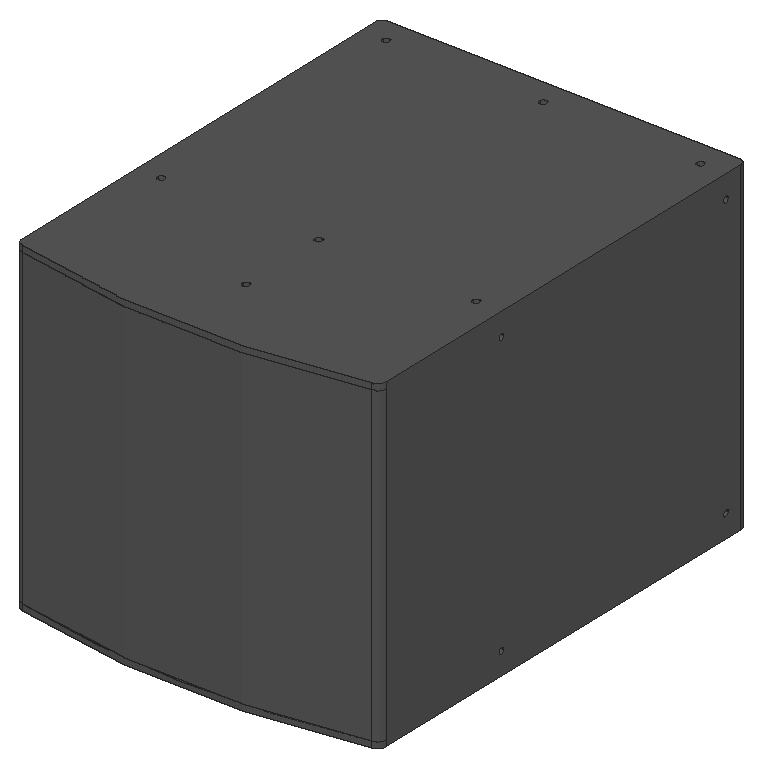
Revit family "1Electronics_Community_Biamp_Subwoofer_IS8-118WR", category Communication Devices, host Face, Revit 2020
Family settings
  Host = Face
  Maintain Annotation Orientation = No
  Round Connector Dimension = Use Diameter
  Part Type = Normal
  OmniClass Number = 23.85.10.11.14.14.14
  OmniClass Title = Loudspeakers
  Cut with Voids When Loaded = No
  Shared = No
  Room Calculation Point = No
Parameters (values of type "IS8-118WR B")
  Width = 22.10156"  # constant formula
  Weight = 98.00 lbf  # constant formula
  URL = "https://www.biamp.com/"
  Transducers = "1 x 18 (457mm) double-treated cone with 4 (102mm) voice coil, triple demodulation rings, neodymium construction"  # constant formula
  Shipping Weight = 112.00 lbf  # constant formula
  Recommended Amplifiers = "Single Amp - 1600W - 3200W @ 8 ohms,  (113V - 160V)"  # constant formula
  Product data url = "https://bimobject.com/biamp/product/is8-118wr_community-subwoofer"
  Product Page URL = "https://www.biamp.com/products/product-families/community/community-subwoofers#is8-118wr"
  Product Documentation Link = "https://www.biamp.com/products/product-families/community/community-subwoofers#is8-118wr"
  Operating Range = "31 Hz to 145 Hz  "  # constant formula
  Operating Mode = "Single Amp"  # constant formula
  Operating Environment = "Weather-Resistant Outdoor "  # constant formula
  Nominal Sensitivity = "Half Space - 1W: 99 dB - 2.83V: 99 dB; Whole Space - 1W: 93 dB - 2.83V: 93 dB"  # constant formula
  Nominal Maximum SPL = "Half Space - Peak: 137 dB - Continuous: 131 dB; Whole Space - Peak: 131 dB - Continuous: 125 dB"  # constant formula
  Mounting Points = "(22) M10 threaded rigging points"  # constant formula
  Model = "IS8-118WR B"
  Manufacturer = "Biamp"  # constant formula
  Input Connection = "Screw terminal blocks (4-position)"  # constant formula
  Housing Material = Biamp - Plastic - Black
  Height = 19.80078"  # constant formula
  Grill Material = Biamp - Plastic - Black(Grid)
  Equalized Sensitivity = "Half Space - 1W: 99 dB - 2.83V: 99 dB; Whole Space - 1W: 93 dB - 2.83V: 93 dB"  # constant formula
  Equalized Maximum SPL = "Half Space - Peak: 137 dB - Continuous: 131 dB; Whole Space - Peak: 131 dB - Continuous: 125 dB"  # constant formula
  Environmental = "Outdoor: IP55W per IEC 60529 , MIL-STD-810G"  # constant formula
  Description = "IS8-118WR High Power Single 18-Inch Weather-Resistant Subwoofer"  # constant formula
  Depth = 28.89062"  # constant formula
  Default Elevation = 48.00"
  Continuous Power Handling  Nominal Impedance = "Single Amp - 113V, 1600W @ 8 ohms (6400W peak)"  # constant formula
Types (4): name | Model | Housing Material | Grill Material
  (no name) | "IS8-118WR B" | Biamp - Plastic - Black | Biamp - Plastic - Black(Grid)
  IS8-118WR B | "IS8-118WR B" | Biamp - Plastic - Black | Biamp - Plastic - Black(Grid)
  IS8-118WR W | "IS8-118WR W" | Biamp - Plastic - White | Biamp - Plastic - White(Grid)
  IS8-118WR G | "IS8-118WR G" | Biamp - Plastic - Gray | Biamp - Plastic - Gray(Grid)
Reference planes (in)
  plane 1 "Center (Front/Back)": y = 0
  plane 2: z = 0
  plane 3 "Center (Left/Right)": x = 0
  plane 4: y = 14.44531
  plane 5: y = -14.44531
  plane 6: x = -11.05078
  plane 7: x = 11.05078
  plane 8: z = 19.80078
  plane 9: z = 9.90039
Forms (in)
  Extrusion 1, solid, material "Biamp - Plastic - Black" <- "Housing Material", detail levels medium+fine
    sketch origin (0, 0, 0) x (1, 0, 0) y (0, 1, 0)
      loop
        arc (-10.67578, 14.44531) -> (-10.94095, 14.33548) -> (-11.05078, 14.07031) r 0.375
        line (-11.05078, 14.07031) -> (-11.05078, -12.72556)
        arc (-11.05078, -12.72556) -> (-10.91137, -13.08374) -> (-10.58284, -13.28323) r 0.59837
        arc (-10.58284, -13.28323) -> (0, -14.44531) -> (10.58284, -13.28323) r 48.76885
        arc (10.58284, -13.28323) -> (10.91137, -13.08374) -> (11.05078, -12.72556) r 0.59837
        line (11.05078, -12.72556) -> (11.05078, 14.07031)
        arc (11.05078, 14.07031) -> (10.94095, 14.33548) -> (10.67578, 14.44531) r 0.375
        line (10.67578, 14.44531) -> (-10.67578, 14.44531)
    from 0 to 19.80078
  Extrusion 2, void
    sketch origin (0, 0, 0) x (1, 0, 0) y (0, 1, 0)
      loop
        circle (-9.53078, 12.92531) r 0.21654
      loop
        circle (0, 12.92531) r 0.21654
      loop
        circle (9.53078, 12.92531) r 0.21654
      loop
        circle (-9.53078, -4.08469) r 0.21654
      loop
        circle (0, -4.08469) r 0.21654
      loop
        circle (9.53078, -4.08469) r 0.21654
      loop
        circle (0, -9.60469) r 0.21654
    from 19.42578 to 19.80078
  Extrusion 3, void
    sketch origin (0, 0, 0) x (0, 1, 0) y (0, 0, 1)
      loop
        circle (12.92531, 1.38) r 0.21654
      loop
        circle (12.92531, 18.42) r 0.21654
      loop
        circle (-4.08469, 1.38) r 0.21654
      loop
        circle (-4.08469, 18.42) r 0.21654
    from 10.67578 to 11.05078
  Extrusion 4, void
    sketch origin (0, 0, 0) x (1, 0, 0) y (0, 0, 1)
      loop
        circle (0, 18.42078) r 0.21654
      loop
        circle (0, 1.38) r 0.21654
      loop
        line (2.005, 13.43039) -> (-2.005, 13.43039)
        arc (-2.005, 13.43039) -> (-2.09339, 13.39378) -> (-2.13, 13.30539) r 0.125
        line (-2.13, 13.30539) -> (-2.13, 6.49539)
        arc (-2.13, 6.49539) -> (-2.09339, 6.407) -> (-2.005, 6.37039) r 0.125
        line (-2.005, 6.37039) -> (2.005, 6.37039)
        arc (2.005, 6.37039) -> (2.09339, 6.407) -> (2.13, 6.49539) r 0.125
        line (2.13, 6.49539) -> (2.13, 13.30539)
        arc (2.13, 13.30539) -> (2.09339, 13.39378) -> (2.005, 13.43039) r 0.125
    from -14.44531 to -14.07031
  Extrusion 5, solid, material "Biamp - Plastic - Black(Grid)" <- "Grill Material", detail levels medium+fine
    sketch origin (0, 0, 0) x (1, 0, 0) y (0, 1, 0)
      loop
        arc (-11.05078, -12.72556) -> (-10.91137, -13.08374) -> (-10.58284, -13.28323) r 0.59837
        arc (-10.58284, -13.28323) -> (0, -14.44531) -> (10.58284, -13.28323) r 48.76885
        arc (10.58284, -13.28323) -> (10.91137, -13.08374) -> (11.05078, -12.72556) r 0.59837
        line (11.05078, -12.72556) -> (-11.05078, -12.72556)
    from 0.375 to 19.42578
  Extrusion 6, solid, material "Biamp - Plastic - Black" <- "Housing Material", detail levels medium+fine
    sketch origin (0, 0, 0) x (1, 0, 0) y (0, 0, 1)
      loop
        line (-0.5, 12.43039) -> (-0.5, 12.18039) -> (0.5, 12.18039) -> (0.5, 12.43039) -> (-0.5, 12.43039)
      loop
        line (-0.5, 11.43039) -> (-0.5, 11.18039) -> (0.5, 11.18039) -> (0.5, 11.43039) -> (-0.5, 11.43039)
    from -14.25781 to -14.07031
  Extrusion 7, void
    sketch origin (0, 0, 0) x (0, 1, 0) y (0, 0, 1)
      loop
        line (-14.44531, 19.42578) -> (-14.44531, 0.375) -> (-12.72556, 0.375) -> (-12.72556, 19.42578) -> (-14.44531, 19.42578)
    from -11.42672 to 11.39747
  Extrusion 8, void
    sketch origin (0, 0, -19.42578) x (0, -1, 0) y (1, 0, 0)
      loop
        circle (-12.92531, -9.53078) r 0.21654
      loop
        circle (-12.92531, 0) r 0.21654
      loop
        circle (4.08469, -9.53078) r 0.21654
      loop
        circle (4.08469, 0) r 0.21654
      loop
        circle (9.60469, 0) r 0.21654
      loop
        circle (-12.92531, 9.53078) r 0.21654
      loop
        circle (4.08469, 9.53078) r 0.21654
    from 19.42578 to 19.80078
  Extrusion 9, void
    sketch origin (-1.15039, 0, 0) x (0, 1, 0) y (0, 0, -1)
      loop
        circle (12.92531, -1.38039) r 0.21654
      loop
        circle (12.92531, -18.42039) r 0.21654
      loop
        circle (-4.08469, -1.38039) r 0.21654
      loop
        circle (-4.08469, -18.42039) r 0.21654
    from 9.52539 to 9.90039
  Extrusion 10, solid, material "Biamp - Plastic - Black" <- "Housing Material", detail levels coarse
    sketch origin (0, 0, 0) x (1, 0, 0) y (0, 1, 0)
      loop
        arc (-10.67578, 14.44531) -> (-10.94095, 14.33548) -> (-11.05078, 14.07031) r 0.375
        line (-11.05078, 14.07031) -> (-11.05078, -12.72556)
        arc (-11.05078, -12.72556) -> (-10.91137, -13.08374) -> (-10.58284, -13.28323) r 0.59837
        arc (-10.58284, -13.28323) -> (0, -14.44531) -> (10.58284, -13.28323) r 48.76885
        arc (10.58284, -13.28323) -> (10.91137, -13.08374) -> (11.05078, -12.72556) r 0.59837
        line (11.05078, -12.72556) -> (11.05078, 14.07031)
        arc (11.05078, 14.07031) -> (10.94095, 14.33548) -> (10.67578, 14.44531) r 0.375
        line (10.67578, 14.44531) -> (-10.67578, 14.44531)
    from 0 to 19.80078
Cuts and joins
  Extrusion 2, Extrusion 3, Extrusion 4, Extrusion 7, Extrusion 8, Extrusion 9 cuts Extrusion 1
Lines and regions (in)
  Masking region 1
    outline origin (0, 0, 0) x (1, 0, 0) y (0, 0, 1)
      loop
        line (-11.05084, 19.80078) -> (-11.05084, 0) -> (11.05084, 0) -> (11.05084, 19.80078) -> (-11.05084, 19.80078)
  Masking region 2
    outline origin (0, 0, 0) x (0, 1, 0) y (0, 0, 1)
      loop
        line (-14.44531, 19.80078) -> (-14.44531, 0) -> (14.44531, 0) -> (14.44531, 19.80078) -> (-14.44531, 19.80078)
  Masking region 3
    outline origin (0, 0, 0) x (1, 0, 0) y (0, 1, 0)
      loop
        arc (-11.05078, -12.72556) -> (-10.91137, -13.08374) -> (-10.58284, -13.28323) r 0.59837
        arc (-10.58284, -13.28323) -> (0, -14.44531) -> (10.58284, -13.28323) r 48.76885
        arc (10.58284, -13.28323) -> (10.91137, -13.08374) -> (11.05078, -12.72556) r 0.59837
        line (11.05078, -12.72556) -> (11.05078, 14.07031)
        arc (11.05078, 14.07031) -> (10.94095, 14.33548) -> (10.67578, 14.44531) r 0.375
        line (10.67578, 14.44531) -> (-10.67578, 14.44531)
        arc (-10.67578, 14.44531) -> (-10.94095, 14.33548) -> (-11.05078, 14.07031) r 0.375
        line (-11.05078, 14.07031) -> (-11.05078, -12.72556)
  symbolic lines
    curve 1: arc (-9.31425, 12.92531, 0) -> (-9.53078, 12.70878, 0) -> (-9.74732, 12.92531, 0) r 0.21654
    curve 2: arc (-9.74732, 12.92531, 0) -> (-9.53078, 13.14185, 0) -> (-9.31425, 12.92531, 0) r 0.21654
    curve 3: arc (0.21654, 12.92531, 0) -> (0, 12.70878, 0) -> (-0.21654, 12.92531, 0) r 0.21654
    curve 4: arc (-0.21654, 12.92531, 0) -> (0, 13.14185, 0) -> (0.21654, 12.92531, 0) r 0.21654
    curve 5: line (-11.05084, 0, 19.80078) -> (11.05084, 0, 19.80078)
    curve 6: line (-11.05084, 0, 0) -> (-11.05084, 0, 19.80078)
    curve 7: line (11.05084, 0, 0) -> (-11.05084, 0, 0)
    curve 8: line (11.05084, 0, 19.80078) -> (11.05084, 0, 0)
    curve 9: line (-11.05084, 0, 19.42578) -> (11.05084, 0, 19.42578)
    curve 10: line (11.05084, 0, 0.375) -> (-11.05084, 0, 0.375)
    curve 11: line (0, -14.44531, 19.80078) -> (0, 14.44531, 19.80078)
    curve 12: line (0, -14.44531, 0) -> (0, -14.44531, 19.80078)
    curve 13: line (0, 14.44531, 0) -> (0, -14.44531, 0)
    curve 14: line (0, 14.44531, 19.80078) -> (0, 14.44531, 0)
    curve 15: line (0, -11.57031, 19.80078) -> (0, -11.57031, 0)
    curve 16: line (0, -11.57031, 0.375) -> (0, -14.44531, 0.375)
    curve 17: line (0, -14.44531, 19.42578) -> (0, -11.57031, 19.42578)
    curve 18: arc (9.31425, 12.92531, 0) -> (9.53078, 12.70878, 0) -> (9.74732, 12.92531, 0) r 0.21654
    curve 19: arc (9.74732, 12.92531, 0) -> (9.53078, 13.14185, 0) -> (9.31425, 12.92531, 0) r 0.21654
    curve 20: arc (-9.31425, -4.08469, 0) -> (-9.53078, -4.30122, 0) -> (-9.74732, -4.08469, 0) r 0.21654
    curve 21: arc (-9.74732, -4.08469, 0) -> (-9.53078, -3.86815, 0) -> (-9.31425, -4.08469, 0) r 0.21654
    curve 22: arc (0.21654, -4.08469, 0) -> (0, -4.30122, 0) -> (-0.21654, -4.08469, 0) r 0.21654
    curve 23: arc (-0.21654, -4.08469, 0) -> (0, -3.86815, 0) -> (0.21654, -4.08469, 0) r 0.21654
    curve 24: arc (9.31425, -4.08469, 0) -> (9.53078, -4.30122, 0) -> (9.74732, -4.08469, 0) r 0.21654
    curve 25: arc (9.74732, -4.08469, 0) -> (9.53078, -3.86815, 0) -> (9.31425, -4.08469, 0) r 0.21654
    curve 26: arc (0.21654, -9.60469, 0) -> (0, -9.82122, 0) -> (-0.21654, -9.60469, 0) r 0.21654
    curve 27: arc (-0.21654, -9.60469, 0) -> (0, -9.38815, 0) -> (0.21654, -9.60469, 0) r 0.21654
Dimensions and locks (in)
  equal spacing: plane 5, plane 1 "Center (Front/Back)", plane 4
  "Depth": plane 4 to plane 5
  equal spacing: plane 6, plane 3 "Center (Left/Right)", plane 7
  "Width": plane 6 to plane 7
  "Height": plane 8 to plane 2
  equal spacing: plane 8, plane 9, plane 2
  aligned and locked: plane 2 to host face
  aligned and locked: level to host face
  aligned and locked: plane 8 to Extrusion 1
  aligned and locked: plane 8 to Extrusion 2
  aligned and locked: plane 7 to Extrusion 3
  aligned and locked: Extrusion 4 to plane 4
  aligned and locked: plane 8 to Extrusion 10
  aligned and locked: Extrusion 10 to plane 2
Automatic sketch dimensions
  host sketch curve to host sketch curve = 96.00"  (x2)
  Extrusion 6 sketch curve to plane 3 "Center (Left/Right)" = 0.50"  (x2)
  plane 3 "Center (Left/Right)" to Extrusion 6 sketch curve = 0.50"  (x2)
  plane 9 to Extrusion 6 sketch curve = 1.28"
  Extrusion 6 sketch curve to Extrusion 6 sketch curve = 0.25"  (x2)
  Extrusion 6 sketch curve to Extrusion 6 sketch curve = 0.75"
  curve 26 to plane 3 "Center (Left/Right)" = 0.00"
  curve 4 to plane 3 "Center (Left/Right)" = 0.00"
  curve 23 to plane 3 "Center (Left/Right)" = 0.00"
  plane 6 to curve 2 = 1.52"
  plane 6 to curve 20 = 1.52"
  curve 18 to plane 7 = 1.52"
  curve 24 to plane 7 = 1.52"
  plane 4 to curve 2 = 1.52"
  plane 4 to curve 4 = 1.52"
  plane 4 to curve 19 = 1.52"
  plane 1 "Center (Front/Back)" to curve 24 = 4.08469"
  plane 1 "Center (Front/Back)" to curve 21 = 4.08469"
  plane 1 "Center (Front/Back)" to curve 22 = 4.08469"
  plane 5 to curve 26 = 4.84063"
  curve 20 to curve 20 = 0.21654"
  curve 1 to curve 1 = 0.21654"
  curve 26 to curve 26 = 0.21654"
  curve 4 to curve 3 = 0.21654"
  curve 23 to curve 22 = 0.21654"
  curve 19 to curve 18 = 0.21654"
  curve 25 to curve 24 = 0.21654"
  curve 17 to plane 5 = 0.00"
  curve 15 to plane 8 = 0.00"
  curve 15 to level = 0.00"
  curve 13 to plane 4 = 0.00"
  level to curve 16 = 0.375"
  curve 16 to curve 16 = 2.875"
  curve 17 to plane 8 = 0.375"
  curve 5 to plane 8 = 0.00"
  curve 6 to level = 0.00"
  curve 5 to plane 6 = 0.00006"
  plane 7 to curve 8 = 0.00006"
  level to curve 10 = 0.375"
  curve 9 to curve 5 = 0.375"
  Extrusion 1 sketch curve to plane 6 = 0.00"
  plane 4 to Extrusion 1 sketch curve = 0.00"
  Extrusion 1 sketch curve to plane 7 = 0.00"
  Extrusion 1 sketch curve to Extrusion 1 sketch curve = 0.375"
  Extrusion 1 sketch curve to plane 7 = 0.375"
  plane 5 to Extrusion 1 sketch curve = 1.71975"  (x2)
  Extrusion 2 sketch curve to plane 3 "Center (Left/Right)" = 0.00"  (x3)
  plane 6 to Extrusion 2 sketch curve = 1.52"  (x2)
  Extrusion 2 sketch curve to plane 7 = 1.52"  (x2)
  plane 5 to Extrusion 2 sketch curve = 4.84063"
  plane 1 "Center (Front/Back)" to Extrusion 2 sketch curve = 4.08469"  (x3)
  plane 4 to Extrusion 2 sketch curve = 1.52"  (x3)
  level to Extrusion 3 sketch curve = 1.38"  (x2)
  plane 1 "Center (Front/Back)" to Extrusion 3 sketch curve = 4.08469"  (x2)
  Extrusion 3 sketch curve to plane 8 = 1.38078"  (x2)
  plane 4 to Extrusion 3 sketch curve = 1.52"  (x2)
  Extrusion 4 sketch curve to plane 3 "Center (Left/Right)" = 0.00"  (x2)
  Extrusion 4 sketch curve to plane 3 "Center (Left/Right)" = 2.005"  (x2)
  Extrusion 4 sketch curve to Extrusion 4 sketch curve = 0.125"  (x2)
  plane 3 "Center (Left/Right)" to Extrusion 4 sketch curve = 2.005"  (x2)
  level to Extrusion 4 sketch curve = 1.38"
  Extrusion 4 sketch curve to plane 9 = 3.53"
  plane 9 to Extrusion 4 sketch curve = 3.405"
  Extrusion 4 sketch curve to plane 8 = 1.38"
  Extrusion 5 sketch curve to plane 6 = 0.00"
  Extrusion 5 sketch curve to plane 3 "Center (Left/Right)" = 0.00"
  Extrusion 5 sketch curve to plane 7 = 0.00"
  plane 5 to Extrusion 5 sketch curve = 1.7462"  (x2)
  plane 6 to Extrusion 5 sketch curve = 0.59779"
  Extrusion 5 sketch curve to plane 7 = 0.59779"
  plane 5 to Extrusion 5 sketch curve = 1.71975"
  Extrusion 5 sketch curve to plane 4 = 19.87823"
  Extrusion 5 sketch curve to Extrusion 5 sketch curve = 0.00"
  Extrusion 7 sketch curve to plane 5 = 0.00"
  level to Extrusion 7 sketch curve = 0.375"
  Extrusion 7 sketch curve to Extrusion 7 sketch curve = 1.71975"
  Extrusion 7 sketch curve to plane 8 = 0.375"
  Extrusion 8 sketch curve to plane 3 "Center (Left/Right)" = 0.00"  (x3)
  plane 4 to Extrusion 8 sketch curve = 1.52"  (x3)
  Extrusion 8 sketch curve to plane 7 = 1.52"  (x2)
  plane 1 "Center (Front/Back)" to Extrusion 8 sketch curve = 4.08469"  (x3)
  plane 6 to Extrusion 8 sketch curve = 1.52"  (x2)
  plane 5 to Extrusion 8 sketch curve = 4.84063"
  level to Extrusion 9 sketch curve = 1.38039"  (x2)
  plane 1 "Center (Front/Back)" to Extrusion 9 sketch curve = 4.08469"  (x2)
  Extrusion 9 sketch curve to plane 8 = 1.38039"  (x2)
  plane 4 to Extrusion 9 sketch curve = 1.52"  (x2)
  Extrusion 10 sketch curve to plane 6 = 0.00"
  plane 4 to Extrusion 10 sketch curve = 0.00"
  Extrusion 10 sketch curve to plane 7 = 0.00"
  Extrusion 10 sketch curve to Extrusion 10 sketch curve = 0.375"  (x2)
  plane 5 to Extrusion 10 sketch curve = 1.71975"  (x2)
  Masking region 1 sketch curve to level = 0.00"
  Masking region 1 sketch curve to plane 8 = 0.00"
  Masking region 1 sketch curve to plane 6 = 0.00006"
  plane 7 to Masking region 1 sketch curve = 0.00006"
  Masking region 2 sketch curve to level = 0.00"
  Masking region 2 sketch curve to plane 5 = 0.00"
  Masking region 2 sketch curve to plane 4 = 0.00"
  Masking region 2 sketch curve to plane 8 = 0.00"
  Extrusion 10 sketch curve to plane 3 "Center (Left/Right)" = 0.00"
  plane 6 to Extrusion 10 sketch curve = 0.59779"
  Extrusion 10 sketch curve to plane 7 = 0.59779"
  Extrusion 10 sketch curve to Extrusion 10 sketch curve = 0.02644"  (x2)
  Extrusion 10 sketch curve to plane 4 = 19.87823"
  Extrusion 10 sketch curve to Extrusion 10 sketch curve = 0.00"
  Extrusion 1 sketch curve to plane 3 "Center (Left/Right)" = 0.00"
  plane 6 to Extrusion 1 sketch curve = 0.59779"
  Extrusion 1 sketch curve to plane 7 = 0.59779"
  Extrusion 1 sketch curve to Extrusion 1 sketch curve = 0.02644"  (x2)
  Extrusion 1 sketch curve to plane 4 = 19.87823"
  Extrusion 1 sketch curve to Extrusion 1 sketch curve = 0.00"
  Masking region 3 sketch curve to plane 6 = 0.00"
  plane 4 to Masking region 3 sketch curve = 0.00"
  Masking region 3 sketch curve to plane 3 "Center (Left/Right)" = 0.00"
  Masking region 3 sketch curve to plane 7 = 0.00"
  plane 6 to Masking region 3 sketch curve = 0.375"
  plane 6 to Masking region 3 sketch curve = 0.59779"
  Masking region 3 sketch curve to plane 7 = 0.59779"
  Masking region 3 sketch curve to plane 7 = 0.375"
  plane 5 to Masking region 3 sketch curve = 1.7462"  (x2)
  Masking region 3 sketch curve to Masking region 3 sketch curve = 0.02644"  (x2)
  Masking region 3 sketch curve to plane 4 = 19.87823"
  Masking region 3 sketch curve to Masking region 3 sketch curve = 0.00"
  radius of Extrusion 2 sketch curve = 0.21654"  (x7)
  radius of Extrusion 3 sketch curve = 0.21654"  (x4)
  radius of Extrusion 4 sketch curve = 0.21654"  (x2)
  radius of Extrusion 8 sketch curve = 0.21654"  (x7)
  radius of Extrusion 9 sketch curve = 0.21654"  (x4)
Connectors (in)
  electrical at (0.25, 14.25781, 12.30539)
    settings: on Extrusion 6, index 1, voltage 0 V, apparent load 0 VA, apparent load phase1 0 VA, apparent load phase2 0 VA, apparent load phase3 0 VA, power factor 1, load classification "Other", number of poles 1, system type 5, power factor state 1, is connector primary yes, connector utility no, sub classification motor no, connector description "Screw terminal blocks; LF Input"
  electrical at (0.25, 14.25781, 11.30539)
    settings: on Extrusion 6, index 2, voltage 0 V, apparent load 0 VA, apparent load phase1 0 VA, apparent load phase2 0 VA, apparent load phase3 0 VA, power factor 1, load classification "Other", number of poles 1, system type 5, power factor state 1, is connector primary no, connector utility no, sub classification motor no, connector description "Screw terminal blocks; LOOP Input"
  electrical at (-0.25, 14.25781, 12.30539)
    settings: on Extrusion 6, index 3, voltage 0 V, apparent load 0 VA, apparent load phase1 0 VA, apparent load phase2 0 VA, apparent load phase3 0 VA, power factor 1, load classification "Other", number of poles 1, system type 5, power factor state 1, is connector primary no, connector utility no, sub classification motor no, connector description "Screw terminal blocks; LF thru"
  electrical at (-0.25, 14.25781, 11.30539)
    settings: on Extrusion 6, index 4, voltage 0 V, apparent load 0 VA, apparent load phase1 0 VA, apparent load phase2 0 VA, apparent load phase3 0 VA, power factor 1, load classification "Other", number of poles 1, system type 5, power factor state 1, is connector primary no, connector utility no, sub classification motor no, connector description "Screw terminal blocks; LOOP thru"
